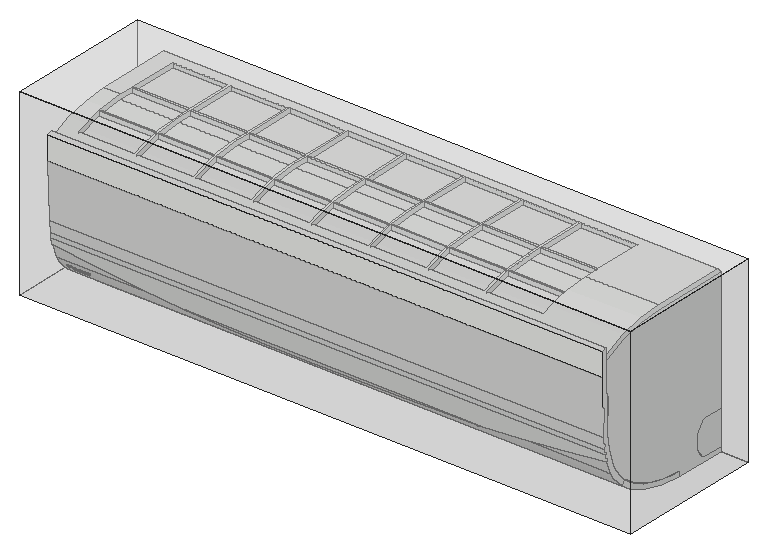
Revit family "outputfile", category 機械設備, Revit 2024 (continued)
Definition of nested family "DAIKIN_indoorunit_CTKM-RVMA"
  Automatic sketch dimensions
    Extrusion 20 sketch curve to Extrusion 20 sketch curve = 76.3 mm
    Extrusion 20 sketch curve to Extrusion 20 sketch curve = 7.433 mm
    Extrusion 20 sketch curve to Extrusion 20 sketch curve = 26.684 mm
    Extrusion 20 sketch curve to Extrusion 20 sketch curve = 8.909 mm
    plane 1 "Center (Front/Back)" to Extrusion 21 sketch curve = 218.957 mm
    Extrusion 21 sketch curve to Extrusion 21 sketch curve = 5.601 mm
    Extrusion 21 sketch curve to Extrusion 21 sketch curve = 65.735 mm
    Extrusion 21 sketch curve to Extrusion 21 sketch curve = 1.462 mm
    Extrusion 21 sketch curve to Extrusion 21 sketch curve = 83.356 mm
    plane 1 "Center (Front/Back)" to Extrusion 21 sketch curve = 92.093 mm
    Extrusion 21 sketch curve to Extrusion 21 sketch curve = 1.354 mm
    Extrusion 21 sketch curve to level = 291.755 mm
    Extrusion 21 sketch curve to Extrusion 21 sketch curve = 8.588 mm
    Extrusion 21 sketch curve to Extrusion 21 sketch curve = 29.018 mm
    Extrusion 21 sketch curve to Extrusion 21 sketch curve = 7.433 mm
    Extrusion 21 sketch curve to Extrusion 21 sketch curve = 75.403 mm
    Extrusion 21 sketch curve to Extrusion 21 sketch curve = 0.896 mm
    Extrusion 21 sketch curve to level = 72.504 mm
    Extrusion 21 sketch curve to Extrusion 21 sketch curve = 0.504 mm
    plane 1 "Center (Front/Back)" to Extrusion 22 sketch curve = 164.0 mm
    Extrusion 22 sketch curve to Extrusion 22 sketch curve = 34.0 mm
    plane 1 "Center (Front/Back)" to Extrusion 22 sketch curve = 92.093 mm
    Extrusion 22 sketch curve to Extrusion 22 sketch curve = 1.354 mm
    Extrusion 22 sketch curve to level = 291.755 mm
    Extrusion 22 sketch curve to Extrusion 22 sketch curve = 8.588 mm
    Extrusion 22 sketch curve to Extrusion 22 sketch curve = 0.077 mm
    Extrusion 22 sketch curve to Extrusion 22 sketch curve = 9.207 mm
    plane 1 "Center (Front/Back)" to Extrusion 23 sketch curve = 218.957 mm
    Extrusion 23 sketch curve to Extrusion 23 sketch curve = 5.601 mm
    Extrusion 23 sketch curve to Extrusion 23 sketch curve = 49.356 mm
    Extrusion 23 sketch curve to Extrusion 23 sketch curve = 65.735 mm
    Extrusion 23 sketch curve to Extrusion 23 sketch curve = 1.462 mm
    plane 1 "Center (Front/Back)" to Extrusion 23 sketch curve = 92.093 mm
    Extrusion 23 sketch curve to Extrusion 23 sketch curve = 1.354 mm
    Extrusion 23 sketch curve to level = 283.089 mm
    Extrusion 23 sketch curve to Extrusion 23 sketch curve = 9.207 mm
    Extrusion 23 sketch curve to Extrusion 23 sketch curve = 19.733 mm
    Extrusion 23 sketch curve to Extrusion 23 sketch curve = 7.433 mm
    Extrusion 23 sketch curve to Extrusion 23 sketch curve = 75.403 mm
    Extrusion 23 sketch curve to Extrusion 23 sketch curve = 0.896 mm
    Extrusion 23 sketch curve to level = 72.504 mm
    Extrusion 23 sketch curve to Extrusion 23 sketch curve = 0.504 mm
    Extrusion 24 sketch curve to level = 276.055 mm
    plane 1 "Center (Front/Back)" to Extrusion 24 sketch curve = 639.709 mm
    plane 1 "Center (Front/Back)" to Extrusion 24 sketch curve = 258.299 mm
    Extrusion 24 sketch curve to Extrusion 24 sketch curve = 2.64 mm
    Extrusion 24 sketch curve to Extrusion 24 sketch curve = 35.942 mm
    Extrusion 24 sketch curve to Extrusion 24 sketch curve = 1.937 mm
    Extrusion 24 sketch curve to Extrusion 24 sketch curve = 20.299 mm
    Extrusion 24 sketch curve to Extrusion 24 sketch curve = 45.88 mm
    Extrusion 24 sketch curve to Extrusion 24 sketch curve = 41.737 mm
    Extrusion 24 sketch curve to Extrusion 24 sketch curve = 13.741 mm
    Extrusion 24 sketch curve to Extrusion 24 sketch curve = 3.448 mm
    Extrusion 24 sketch curve to level = 253.495 mm
    Extrusion 24 sketch curve to Extrusion 24 sketch curve = 2.571 mm
    Extrusion 24 sketch curve to Extrusion 24 sketch curve = 37.558 mm
    Extrusion 24 sketch curve to Extrusion 24 sketch curve = 33.63 mm
    Extrusion 24 sketch curve to Extrusion 24 sketch curve = 0.492 mm
    Extrusion 24 sketch curve to Extrusion 24 sketch curve = 40.059 mm
    Extrusion 24 sketch curve to Extrusion 24 sketch curve = 22.435 mm
    Extrusion 24 sketch curve to Extrusion 24 sketch curve = 1.992 mm
    Extrusion 24 sketch curve to Extrusion 24 sketch curve = 37.063 mm
    Extrusion 24 sketch curve to Extrusion 24 sketch curve = 0.0 mm
    Extrusion 24 sketch curve to Extrusion 24 sketch curve = 4.147 mm
    Extrusion 25 sketch curve to Extrusion 25 sketch curve = 0.0 mm  (x4)
    Extrusion 25 sketch curve to plane 1 "Center (Front/Back)" = 0.0 mm
    plane 1 "Center (Front/Back)" to Extrusion 25 sketch curve = 87.233 mm
    Extrusion 25 sketch curve to Extrusion 25 sketch curve = 3.506 mm
    Extrusion 25 sketch curve to Extrusion 25 sketch curve = 92.593 mm
    Extrusion 25 sketch curve to Extrusion 25 sketch curve = 45.42 mm
    Extrusion 25 sketch curve to Extrusion 25 sketch curve = 58.927 mm
    Extrusion 25 sketch curve to Extrusion 25 sketch curve = 74.393 mm
    Extrusion 25 sketch curve to Extrusion 25 sketch curve = 2.031 mm
    Extrusion 25 sketch curve to level = 58.927 mm
    Extrusion 25 sketch curve to plane 1 "Center (Front/Back)" = 1866.935 mm
    Extrusion 25 sketch curve to level = 72.504 mm
    Extrusion 25 sketch curve to Extrusion 25 sketch curve = 74.381 mm
    Extrusion 25 sketch curve to Extrusion 25 sketch curve = 24.427 mm
    Extrusion 25 sketch curve to Extrusion 25 sketch curve = 74.426 mm
    Extrusion 25 sketch curve to Extrusion 25 sketch curve = 0.483 mm
    Extrusion 25 sketch curve to Extrusion 25 sketch curve = 4.137 mm
    Extrusion 25 sketch curve to Extrusion 25 sketch curve = 31.393 mm
    Extrusion 25 sketch curve to Extrusion 25 sketch curve = 9.215 mm
    Extrusion 25 sketch curve to level = 8.0 mm
    Extrusion 26 sketch curve to plane 1 "Center (Front/Back)" = 0.0 mm
    Extrusion 26 sketch curve to Extrusion 26 sketch curve = 20.0 mm  (x2)
    Extrusion 26 sketch curve to level = 287.035 mm
    Extrusion 27 sketch curve to plane 1 "Center (Front/Back)" = 0.0 mm
    Extrusion 27 sketch curve to Extrusion 27 sketch curve = 20.0 mm  (x2)
    Extrusion 27 sketch curve to level = 287.035 mm
    plane 1 "Center (Front/Back)" to Extrusion 28 sketch curve = 0.0 mm  (x2)
    plane 3 "Center (Left/Right)" to Extrusion 28 sketch curve = 469.0 mm
    Extrusion 28 sketch curve to Extrusion 28 sketch curve = 20.0 mm  (x4)
    Extrusion 28 sketch curve to plane 3 "Center (Left/Right)" = 409.0 mm
  Nested families
    nested 1: "daikin_logo_plane_w40" at (-320, -198.871, -233.244) x (1, 0, 0) z (0, -0.7841, -0.6206), visible <- "switch_unit1_20-46", type "daikin_logo_plane_w40"
      with show_logo yes
    nested 2: "daikin_logo_plane_w40" at (-430, -237.74, -233.244) x (1, 0, 0) z (0, -0.7841, -0.6206), visible <- "switch_unit1_50-71", type "daikin_logo_plane_w40"
      with show_logo yes
  Definition of nested family "daikin_logo_plane_w40"
    Parameters (values of type "daikin_logo_plane_w40")
      width = 40.0 mm
      show_logo [instance] = yes
      material = none
      height = 0.0 mm
      depth = 0.0 mm
      Default Elevation = 1219.2 mm
    Reference planes
      plane 1 "Center (Front/Back)": y = 0
      plane 2: z = 0
      plane 3 "Center (Left/Right)": x = 0
      plane 4: z = 2
      plane 5 "left": x = -19
      plane 6: x = 19
    Forms (mm)
      Extrusion 1, solid, visible <- "show_logo"
        sketch origin (-19, 0, 0) x (1, 0, 0) y (0, 1, 0)
          loop
            line (8.902, -1.878) -> (7.789, -6.332) -> (11.13, -6.332)
            arc (11.13, -6.332) -> (12.454, -6.064) -> (13.472, -5.176) r 2.642
            arc (13.472, -5.176) -> (13.92, -4.02) -> (13.767, -2.79) r 2.537
            arc (13.767, -2.79) -> (13.452, -2.342) -> (12.982, -2.06) r 1.321
            arc (12.982, -2.06) -> (12.063, -1.902) -> (11.13, -1.878) r 6.479
            line (11.13, -1.878) -> (8.902, -1.878)
          loop
            line (10.016, -5.441) -> (10.907, -5.441)
            arc (10.907, -5.441) -> (11.591, -4.983) -> (11.988, -4.261) r 1.742
            spline (11.988, -4.261) -> (12.01, -4.155) -> (12.027, -4.03) -> (12.037, -3.893) -> (12.037, -3.747) -> (12.026, -3.598) -> (12.002, -3.451) -> (11.962, -3.31) -> (11.905, -3.181) -> (11.829, -3.069) -> (11.731, -2.978) -> (11.61, -2.913) -> (11.464, -2.88)
            line (11.464, -2.88) -> (10.573, -2.88) -> (10.016, -5.441)
          loop
            line (13.58, -6.332) -> (14.805, -6.332) -> (15.223, -5.553) -> (16.977, -5.553) -> (17.144, -6.332) -> (19.149, -6.332) -> (18.258, -1.878) -> (16.03, -1.878) -> (13.58, -6.332)
          loop
            line (16.476, -3.214) -> (15.76, -4.551) -> (16.762, -4.551) -> (16.476, -3.214)
          loop
            line (19.705, -6.332) -> (21.599, -6.332) -> (22.712, -1.878) -> (20.819, -1.878) -> (19.705, -6.332)
          loop
            line (22.712, -6.332) -> (24.606, -6.332) -> (24.908, -5.122) -> (25.831, -6.332) -> (28.17, -6.332) -> (26.388, -3.994) -> (28.949, -1.878) -> (26.945, -1.878) -> (25.401, -3.153) -> (25.719, -1.878) -> (23.826, -1.878) -> (22.712, -6.332)
          loop
            line (29.84, -1.878) -> (28.615, -6.332) -> (30.62, -6.332) -> (31.734, -1.878) -> (29.84, -1.878)
          loop
            line (31.734, -6.332) -> (33.07, -6.332) -> (33.7, -3.814) -> (34.518, -6.332) -> (36.745, -6.332) -> (37.859, -1.878) -> (36.523, -1.878) -> (35.845, -4.589) -> (34.963, -1.878) -> (32.847, -1.878) -> (31.734, -6.332)
        from 0 to 2
      Extrusion 2, solid, visible <- "show_logo"
        sketch origin (-19, 0, 0) x (1, 0, 0) y (0, 1, 0)
          loop
            line (8.7, 0) -> (4.235, 0) -> (0, -3.879) -> (0, -8) -> (8.7, 0)
        from 0 to 2
      Extrusion 3, solid, visible <- "show_logo"
        sketch origin (-19, 0, 0) x (1, 0, 0) y (0, 1, 0)
          loop
            line (0, 0) -> (0, -3.879) -> (4.235, 0) -> (0, 0)
        from 0 to 2
    Dimensions and locks
      plane 4 to plane 2 = 2.0 mm
      equal spacing: plane 5 "left", plane 3 "Center (Left/Right)", plane 6
      locked: plane 5 "left" to plane 6 at 38
      aligned and locked: level to plane 2
      aligned and locked: Extrusion 3 to plane 1 "Center (Front/Back)"  (x2)
      aligned and locked: Extrusion 2 to plane 1 "Center (Front/Back)"  (x2)
      aligned and locked: plane 4 to Extrusion 1
      aligned and locked: plane 4 to Extrusion 3
      aligned and locked: plane 4 to Extrusion 2
      aligned and locked: Extrusion 3 to plane 5 "left"
      aligned and locked: Extrusion 2 to plane 5 "left"
    Automatic sketch dimensions
      Extrusion 1 sketch curve to Extrusion 1 sketch curve = 0.901 mm
      Extrusion 1 sketch curve to Extrusion 1 sketch curve = 1.559 mm
      Extrusion 1 sketch curve to Extrusion 1 sketch curve = 1.327 mm
      Extrusion 1 sketch curve to Extrusion 1 sketch curve = 2.145 mm
      Extrusion 1 sketch curve to Extrusion 1 sketch curve = 1.448 mm
      Extrusion 1 sketch curve to Extrusion 1 sketch curve = 2.116 mm
      Extrusion 1 sketch curve to Extrusion 1 sketch curve = 1.114 mm  (x4)
      Extrusion 1 sketch curve to Extrusion 1 sketch curve = 1.336 mm  (x2)
      plane 1 "Center (Front/Back)" to Extrusion 1 sketch curve = 1.878 mm  (x5)
      Extrusion 1 sketch curve to Extrusion 1 sketch curve = 1.893 mm  (x5)
      Extrusion 1 sketch curve to Extrusion 1 sketch curve = 0.891 mm  (x4)
      Extrusion 1 sketch curve to Extrusion 1 sketch curve = 2.005 mm  (x3)
      Extrusion 1 sketch curve to Extrusion 1 sketch curve = 0.445 mm  (x2)
      plane 1 "Center (Front/Back)" to Extrusion 1 sketch curve = 3.994 mm
      Extrusion 1 sketch curve to Extrusion 1 sketch curve = 0.557 mm  (x2)
      Extrusion 1 sketch curve to Extrusion 1 sketch curve = 2.339 mm  (x2)
      Extrusion 1 sketch curve to Extrusion 1 sketch curve = 1.225 mm  (x3)
      plane 1 "Center (Front/Back)" to Extrusion 1 sketch curve = 3.153 mm
      Extrusion 1 sketch curve to Extrusion 1 sketch curve = 0.987 mm
      plane 1 "Center (Front/Back)" to Extrusion 1 sketch curve = 5.122 mm
      Extrusion 1 sketch curve to Extrusion 1 sketch curve = 0.922 mm
      plane 1 "Center (Front/Back)" to Extrusion 1 sketch curve = 6.332 mm
      Extrusion 1 sketch curve to Extrusion 1 sketch curve = 2.562 mm
      plane 1 "Center (Front/Back)" to Extrusion 1 sketch curve = 5.553 mm
      Extrusion 1 sketch curve to Extrusion 1 sketch curve = 0.167 mm
      Extrusion 1 sketch curve to Extrusion 1 sketch curve = 0.215 mm
      plane 1 "Center (Front/Back)" to Extrusion 1 sketch curve = 3.214 mm
      Extrusion 1 sketch curve to Extrusion 1 sketch curve = 0.286 mm
      plane 1 "Center (Front/Back)" to Extrusion 1 sketch curve = 4.551 mm
      Extrusion 1 sketch curve to Extrusion 1 sketch curve = 1.002 mm
      Extrusion 1 sketch curve to Extrusion 1 sketch curve = 0.537 mm
      Extrusion 1 sketch curve to Extrusion 1 sketch curve = 0.418 mm
      Extrusion 1 sketch curve to Extrusion 1 sketch curve = 1.028 mm
      plane 1 "Center (Front/Back)" to Extrusion 1 sketch curve = 4.261 mm
      Extrusion 1 sketch curve to Extrusion 1 sketch curve = 0.563 mm
      plane 1 "Center (Front/Back)" to Extrusion 1 sketch curve = 2.88 mm
      Extrusion 1 sketch curve to Extrusion 1 sketch curve = 1.088 mm
      Extrusion 1 sketch curve to Extrusion 1 sketch curve = 2.152 mm
      Extrusion 1 sketch curve to Extrusion 1 sketch curve = 0.586 mm
      Extrusion 1 sketch curve to Extrusion 1 sketch curve = 0.118 mm
      Extrusion 1 sketch curve to Extrusion 1 sketch curve = 0.298 mm
      Extrusion 1 sketch curve to Extrusion 1 sketch curve = 0.334 mm
      Extrusion 1 sketch curve to Extrusion 1 sketch curve = 0.223 mm
      Extrusion 1 sketch curve to Extrusion 1 sketch curve = 0.266 mm
      Extrusion 1 sketch curve to Extrusion 1 sketch curve = 1.671 mm
      Extrusion 1 sketch curve to Extrusion 1 sketch curve = 2.227 mm
      Extrusion 1 sketch curve to Extrusion 1 sketch curve = 0.0 mm  (x7)
      Extrusion 1 sketch curve to Extrusion 1 sketch curve = 3.453 mm
      Extrusion 1 sketch curve to Extrusion 1 sketch curve = 2.017 mm
      Extrusion 1 sketch curve to Extrusion 1 sketch curve = 0.78 mm  (x2)
      Extrusion 1 sketch curve to Extrusion 1 sketch curve = 1.743 mm
      Extrusion 1 sketch curve to Extrusion 1 sketch curve = 0.775 mm
      Extrusion 1 sketch curve to Extrusion 1 sketch curve = 0.552 mm
      Extrusion 1 sketch curve to Extrusion 1 sketch curve = 0.014 mm
      Extrusion 1 sketch curve to Extrusion 1 sketch curve = 0.952 mm
      Extrusion 1 sketch curve to Extrusion 1 sketch curve = 1.215 mm
      Extrusion 1 sketch curve to Extrusion 1 sketch curve = 0.108 mm
      plane 1 "Center (Front/Back)" to Extrusion 2 sketch curve = 0.0 mm
      Extrusion 2 sketch curve to plane 3 "Center (Left/Right)" = 19.0 mm
      Extrusion 2 sketch curve to plane 3 "Center (Left/Right)" = 14.765 mm
      Extrusion 2 sketch curve to Extrusion 2 sketch curve = 4.465 mm
      plane 1 "Center (Front/Back)" to Extrusion 2 sketch curve = 3.879 mm
      Extrusion 2 sketch curve to Extrusion 2 sketch curve = 4.12 mm
      plane 1 "Center (Front/Back)" to Extrusion 3 sketch curve = 0.0 mm
      Extrusion 3 sketch curve to plane 3 "Center (Left/Right)" = 19.0 mm
      Extrusion 3 sketch curve to plane 3 "Center (Left/Right)" = 14.765 mm
      plane 1 "Center (Front/Back)" to Extrusion 3 sketch curve = 3.879 mm
      Extrusion 1 sketch curve to plane 3 "Center (Left/Right)" = 11.211 mm
      Extrusion 1 sketch curve to Extrusion 1 sketch curve = 1.782 mm
Definition of nested family "daikin_connector_rotate3"
  Parameters (values of type "daikin_connector_rotate3")
    show [instance] = yes
    radius [instance] = 10.0 mm
    length [instance] = 600.0 mm
    angle_horizontal [instance] = 60.00°
    angle_vertical [instance] = 90.00°
    Default Elevation = 1219.2 mm
  Reference planes
    plane 1 "Center (Front/Back)": y = 0
    plane 2: z = 0
    plane 3 "Center (Left/Right)": x = 0
  Dimensions and locks
    "angle_horizontal": angle plane 3 "Center (Left/Right)" to nested 1
    aligned and locked: level to plane 2
    aligned and locked: plane 1 "Center (Front/Back)" to nested 1  (x2)
    aligned and locked: plane 3 "Center (Left/Right)" to nested 1
  Nested families
    nested 1: "daikin_connector_rotate2" at (0, 0, 0) x (0.5, 0.866, 0) z (0, 0, 1), angle_vertical <- "angle_vertical", length <- "length", radius <- "radius", type "daikin_connector_rotate2"
      with radius 10.0 mm, length 600.0 mm, angle_vertical 90.00°
  Definition of nested family "daikin_connector_rotate2"
    Parameters (values of type "daikin_connector_rotate2")
      show_face = yes
      radius [instance] = 10.0 mm
      length [instance] = 600.0 mm
      d_surface = 10.0 mm
      angle_vertical [instance] = 90.00°
      Default Elevation = 0.0 mm
    Reference planes
      plane 1 "Center (Front/Back)": y = 0
      plane 2: z = 0
      plane 3 "Center (Left/Right)": x = 0
    Forms (mm)
      Extrusion 1, solid, visible <- "show_face"
        sketch origin (0, -600, 0) x (1, 0, 0) y (0, 0, 1)
          loop
            circle (0, 0) r 10
        from 0 to -10
    Lines and regions (mm)
      reference lines
        curve 1: line (0, 0, 0) -> (0, -600, 0)
      symbolic lines
        curve 2: circle (0, 0, 0) r 5 normal (0, 0, 1)
      model lines, visible <- "show_face"
        curve 3: line (0, 0, 0) -> (0, -600, 0)
    Dimensions and locks
      "length": curve 1 to curve 1
      "length": curve 3 to curve 3
      "d_surface": Extrusion 1 to Extrusion 1
      "radius": radius of Extrusion 1 sketch curve
      "angle_vertical": angle curve 1 to plane 1 "Center (Front/Back)"
      "angle_vertical": angle curve 3 to plane 1 "Center (Front/Back)"
      aligned and locked: level to plane 2
      aligned and locked: plane 1 "Center (Front/Back)" to curve 1
      aligned and locked: plane 2 to curve 1
      aligned and locked: plane 1 "Center (Front/Back)" to curve 2
      aligned and locked: plane 3 "Center (Left/Right)" to curve 2
      aligned and locked: plane 1 "Center (Front/Back)" to curve 3
      aligned and locked: plane 2 to curve 3
      aligned and locked: Extrusion 1 to Extrusion 1
    Automatic sketch dimensions
      Extrusion 1 sketch curve to level = 0.0 mm
      Extrusion 1 sketch curve to plane 3 "Center (Left/Right)" = 0.0 mm
      radius of curve 2 = 5.0 mm
